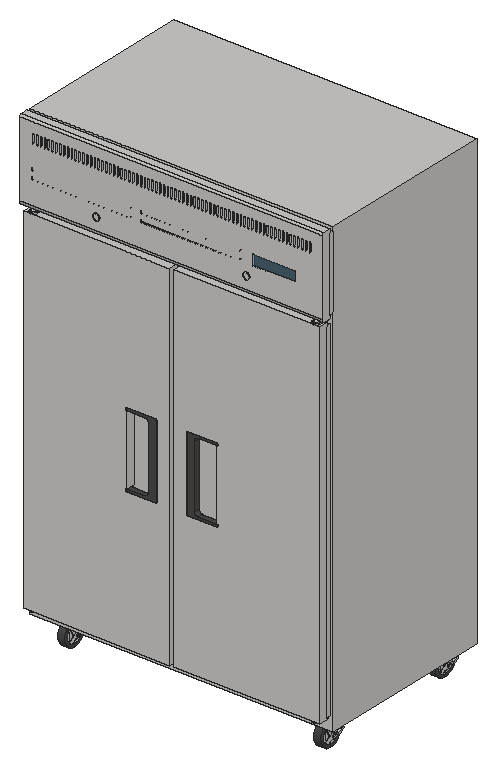
Revit family "QF_EVEREST_ES_2", category Specialty Equipment, Revit 2015
Parameters (values of type "ESR2_115/60/1")
  Weight in Pounds = 401
  Watts = if(Phase = 3, Volts * FL Amps * 1.73, Volts * FL Amps)  # 517.5 W
  Volts = 115 V
  URL Cutsheet = ""
  Specification by User = ""
  Specification by Manufacturer = ""
  Show Clearance [instance] = yes
  Serial Number = ""
  Seismic Rating = ""
  SMACNA No = ""
  Revision Code = ""
  Refrigerant Volume = 0.00 kip
  Refrigerant Type = "R290"
  Phase = 1
  Number of Poles = 1
  NAFEM Spec ID Number = ""
  Model = "ESR2"
  Min Ckt Ampacity = 0 A
  Max Overcurrent Protection = 0 A
  Masterspec = ""
  Manufacturer = "EVEREST"
  Length = 1260 mm
  Item Number = ""
  Installed By = ""
  Identify Quantity as Lot = yes
  Height = 2010 mm
  HP = "1/4+"
  Furnished By = ""
  Foodservice Equipment Identifier = yes
  FL Amps = 4.5 A
  Electrical Remarks = ""
  Electric Connection Type = ""
  Elec Conn RI Height = 0 mm
  Elec Conn Connection Height = 0 mm
  Description = "UPRIGHT REACH–IN REFRIGERATOR"
  Depth = 803 mm
  Cycle = 60 Hz
  Conn Plug = "NEMA 5-15P"
  Conn Conduit = yes
  CSI MasterFormat = ""
  BTUH = 1926.0 Btu/h
  Apparent Power = 0 VA
Types (2, lengths in mm): name | Weight in Pounds | Watts | Refrigerant Type | Model | HP | FL Amps | Electrical Remarks | Description | Conn Plug | BTUH
  ESF2_115/60/1 | 468 | 1703.15 W | "R-404A / R290" | "ESF2" | "1/2 (x2)" | 14.81 A | "HAS (X2) 1/2 HP COMPRESSORS. BTUH IS CALCULATED FOR (2) COMPRESSORS. COMES IN R-404A AND R290 REFRIGERANT VARIANTS." | "UPRIGHT REACH–IN FREEZER" | "NEMA 5-20P" | 6870.0 Btu/h
  ESR2_115/60/1 | 401 | 517.5 W | "R290" | "ESR2" | "1/4+" | 4.5 A | "" | "UPRIGHT REACH–IN REFRIGERATOR" | "NEMA 5-15P" | 1926.0 Btu/h
Reference planes
  plane 1 "BACK": y = 0
  plane 2: z = 0
  plane 3 "LEFT": x = 0
  plane 4 "RIGHT": x = 1260
  plane 5 "FRONT": y = -803
  plane 6 "TOP": z = 2010
  plane 7 "Center Y": x = 630
  plane 8 "Center X": y = -401.5
  plane 9: y = -1386
  plane 10: z = 125
  plane 11: y = -750
Forms (mm)
  Extrusion 1, solid, material "QF_Metal - Stainless - Polished"
    sketch origin (0, 0, 0) x (0, 1, 0) y (0, 0, 1)
      loop
        line (0, 2010) -> (-750, 2010) -> (-750, 125) -> (0, 125) -> (0, 2010)
    from 0 to 1260
  Extrusion 2, solid, material "QF_Metal - Stainless - Polished"
    sketch origin (0, 0, 0) x (0, 1, 0) y (0, 0, 1)
      loop
        line (-765, 2010) -> (-794.973, 2010)
        arc (-794.973, 2010) -> (-800.649, 2007.649) -> (-803, 2001.973) r 8.027
        line (-803, 2001.973) -> (-803, 1687.87)
        arc (-803, 1687.87) -> (-799.172, 1678.628) -> (-789.93, 1674.8) r 13.07
        line (-789.93, 1674.8) -> (-765, 1674.8) -> (-765, 2010)
    from 0 to 1260
  Extrusion 3, solid, material "QF_Metal - Stainless - Polished"
    sketch origin (0, 0, 0) x (0, 1, 0) y (0, 0, 1)
      loop
        line (-765, 1688.8) -> (-758.141, 1688.8)
        arc (-758.141, 1688.8) -> (-757.087, 1689.01) -> (-756.193, 1689.607) r 2.754
        line (-756.193, 1689.607) -> (-750.858, 1694.942)
        arc (-750.858, 1694.942) -> (-750.223, 1695.892) -> (-750, 1697.014) r 2.93
        line (-750, 1697.014) -> (-750, 1990.992)
        arc (-750, 1990.992) -> (-750.222, 1992.108) -> (-750.854, 1993.054) r 2.916
        line (-750.854, 1993.054) -> (-755.935, 1998.135)
        arc (-755.935, 1998.135) -> (-757.115, 1998.923) -> (-758.506, 1999.2) r 3.637
        line (-758.506, 1999.2) -> (-765, 1999.2) -> (-765, 1688.8)
    from 0 to 1260
  Extrusion 4, solid, material "QF_Metal - Stainless - Polished"
    sketch origin (0, 0, 0) x (1, 0, 0) y (0, 0, 1)
      loop
        line (12.732, 172.5) -> (621.732, 172.5) -> (621.732, 1654) -> (12.732, 1654) -> (12.732, 172.5)
      loop
        line (562.725, 1071.5) -> (443.725, 1071.5)
        arc (443.725, 1071.5) -> (440.189, 1070.036) -> (438.725, 1066.5) r 5
        line (438.725, 1066.5) -> (438.725, 1061.5) -> (443.725, 1061.5) -> (443.725, 768.5) -> (438.725, 768.5) -> (438.725, 763.5)
        arc (438.725, 763.5) -> (440.189, 759.964) -> (443.725, 758.5) r 5
        line (443.725, 758.5) -> (562.725, 758.5)
        arc (562.725, 758.5) -> (566.26, 759.964) -> (567.725, 763.5) r 5
        line (567.725, 763.5) -> (567.725, 1066.5)
        arc (567.725, 1066.5) -> (566.26, 1070.036) -> (562.725, 1071.5) r 5
    from 765 to 800
  Extrusion 5, solid, material "QF_Metal - Stainless - Polished"
    sketch origin (0, 0, 0) x (0, 1, 0) y (0, 0, 1)
      loop
        line (-750, 1644) -> (-765, 1644) -> (-765, 182.5) -> (-750, 182.5) -> (-750, 1644)
    from 13 to 1247.268
  Extrusion 6, solid, material "QF_Plastic - Black - Smooth"
    sketch origin (0, 0, 0) x (1, 0, 0) y (0, 0, 1)
      loop
        line (562.725, 1071.5) -> (443.725, 1071.5)
        arc (443.725, 1071.5) -> (440.189, 1070.036) -> (438.725, 1066.5) r 5
        line (438.725, 1066.5) -> (438.725, 1061.5) -> (519.725, 1061.5)
        arc (519.725, 1061.5) -> (530.332, 1057.107) -> (534.725, 1046.5) r 15
        line (534.725, 1046.5) -> (534.725, 783.5)
        arc (534.725, 783.5) -> (530.332, 772.893) -> (519.725, 768.5) r 15
        line (519.725, 768.5) -> (438.725, 768.5) -> (438.725, 763.5)
        arc (438.725, 763.5) -> (440.189, 759.964) -> (443.725, 758.5) r 5
        line (443.725, 758.5) -> (562.725, 758.5)
        arc (562.725, 758.5) -> (566.26, 759.964) -> (567.725, 763.5) r 5
        line (567.725, 763.5) -> (567.725, 1066.5)
        arc (567.725, 1066.5) -> (566.26, 1070.036) -> (562.725, 1071.5) r 5
    from 780 to 800
  Extrusion 7, void
    sketch origin (0, -803, 2030) x (0, 0, -1) y (1, 0, 0)
      loop
        line (105, 61.992) -> (73, 61.992)
        arc (73, 61.992) -> (69, 57.992) -> (73, 53.992) r 4
        line (73, 53.992) -> (105, 53.992)
        arc (105, 53.992) -> (109, 57.992) -> (105, 61.992) r 4
      loop
        line (73, 69.992) -> (105, 69.992)
        arc (105, 69.992) -> (109, 73.992) -> (105, 77.992) r 4
        line (105, 77.992) -> (73, 77.992)
        arc (73, 77.992) -> (69, 73.992) -> (73, 69.992) r 4
      loop
        line (73, 85.992) -> (105, 85.992)
        arc (105, 85.992) -> (109, 89.992) -> (105, 93.992) r 4
        line (105, 93.992) -> (73, 93.992)
        arc (73, 93.992) -> (69, 89.992) -> (73, 85.992) r 4
      loop
        line (73, 101.992) -> (105, 101.992)
        arc (105, 101.992) -> (109, 105.992) -> (105, 109.992) r 4
        line (105, 109.992) -> (73, 109.992)
        arc (73, 109.992) -> (69, 105.992) -> (73, 101.992) r 4
      loop
        line (73, 117.992) -> (105, 117.992)
        arc (105, 117.992) -> (109, 121.992) -> (105, 125.992) r 4
        line (105, 125.992) -> (73, 125.992)
        arc (73, 125.992) -> (69, 121.992) -> (73, 117.992) r 4
      loop
        line (73, 133.992) -> (105, 133.992)
        arc (105, 133.992) -> (109, 137.992) -> (105, 141.992) r 4
        line (105, 141.992) -> (73, 141.992)
        arc (73, 141.992) -> (69, 137.992) -> (73, 133.992) r 4
      loop
        line (73, 149.992) -> (105, 149.992)
        arc (105, 149.992) -> (109, 153.992) -> (105, 157.992) r 4
        line (105, 157.992) -> (73, 157.992)
        arc (73, 157.992) -> (69, 153.992) -> (73, 149.992) r 4
      loop
        line (73, 165.992) -> (105, 165.992)
        arc (105, 165.992) -> (109, 169.992) -> (105, 173.992) r 4
        line (105, 173.992) -> (73, 173.992)
        arc (73, 173.992) -> (69, 169.992) -> (73, 165.992) r 4
      loop
        line (73, 181.992) -> (105, 181.992)
        arc (105, 181.992) -> (109, 185.992) -> (105, 189.992) r 4
        line (105, 189.992) -> (73, 189.992)
        arc (73, 189.992) -> (69, 185.992) -> (73, 181.992) r 4
      loop
        line (73, 197.992) -> (105, 197.992)
        arc (105, 197.992) -> (109, 201.992) -> (105, 205.992) r 4
        line (105, 205.992) -> (73, 205.992)
        arc (73, 205.992) -> (69, 201.992) -> (73, 197.992) r 4
      loop
        line (73, 213.992) -> (105, 213.992)
        arc (105, 213.992) -> (109, 217.992) -> (105, 221.992) r 4
        line (105, 221.992) -> (73, 221.992)
        arc (73, 221.992) -> (69, 217.992) -> (73, 213.992) r 4
      loop
        line (73, 229.992) -> (105, 229.992)
        arc (105, 229.992) -> (109, 233.992) -> (105, 237.992) r 4
        line (105, 237.992) -> (73, 237.992)
        arc (73, 237.992) -> (69, 233.992) -> (73, 229.992) r 4
      loop
        line (73, 245.992) -> (105, 245.992)
        arc (105, 245.992) -> (109, 249.992) -> (105, 253.992) r 4
        line (105, 253.992) -> (73, 253.992)
        arc (73, 253.992) -> (69, 249.992) -> (73, 245.992) r 4
      loop
        line (73, 261.992) -> (105, 261.992)
        arc (105, 261.992) -> (109, 265.992) -> (105, 269.992) r 4
        line (105, 269.992) -> (73, 269.992)
        arc (73, 269.992) -> (69, 265.992) -> (73, 261.992) r 4
      loop
        line (73, 277.992) -> (105, 277.992)
        arc (105, 277.992) -> (109, 281.992) -> (105, 285.992) r 4
        line (105, 285.992) -> (73, 285.992)
        arc (73, 285.992) -> (69, 281.992) -> (73, 277.992) r 4
      loop
        line (73, 293.992) -> (105, 293.992)
        arc (105, 293.992) -> (109, 297.992) -> (105, 301.992) r 4
        line (105, 301.992) -> (73, 301.992)
        arc (73, 301.992) -> (69, 297.992) -> (73, 293.992) r 4
      loop
        line (73, 309.992) -> (105, 309.992)
        arc (105, 309.992) -> (109, 313.992) -> (105, 317.992) r 4
        line (105, 317.992) -> (73, 317.992)
        arc (73, 317.992) -> (69, 313.992) -> (73, 309.992) r 4
      loop
        line (73, 325.992) -> (105, 325.992)
        arc (105, 325.992) -> (109, 329.992) -> (105, 333.992) r 4
        line (105, 333.992) -> (73, 333.992)
        arc (73, 333.992) -> (69, 329.992) -> (73, 325.992) r 4
      loop
        line (73, 341.992) -> (105, 341.992)
        arc (105, 341.992) -> (109, 345.992) -> (105, 349.992) r 4
        line (105, 349.992) -> (73, 349.992)
        arc (73, 349.992) -> (69, 345.992) -> (73, 341.992) r 4
      loop
        line (73, 357.992) -> (105, 357.992)
        arc (105, 357.992) -> (109, 361.992) -> (105, 365.992) r 4
        line (105, 365.992) -> (73, 365.992)
        arc (73, 365.992) -> (69, 361.992) -> (73, 357.992) r 4
      loop
        arc (73, 638.008) -> (69, 634.008) -> (73, 630.008) r 4
        line (73, 630.008) -> (105, 630.008)
        arc (105, 630.008) -> (109, 634.008) -> (105, 638.008) r 4
        line (105, 638.008) -> (73, 638.008)
      loop
        arc (73, 622.008) -> (69, 618.008) -> (73, 614.008) r 4
        line (73, 614.008) -> (105, 614.008)
        arc (105, 614.008) -> (109, 618.008) -> (105, 622.008) r 4
        line (105, 622.008) -> (73, 622.008)
      loop
        arc (73, 606.008) -> (69, 602.008) -> (73, 598.008) r 4
        line (73, 598.008) -> (105, 598.008)
        arc (105, 598.008) -> (109, 602.008) -> (105, 606.008) r 4
        line (105, 606.008) -> (73, 606.008)
      loop
        arc (73, 590.008) -> (69, 586.008) -> (73, 582.008) r 4
        line (73, 582.008) -> (105, 582.008)
        arc (105, 582.008) -> (109, 586.008) -> (105, 590.008) r 4
        line (105, 590.008) -> (73, 590.008)
      loop
        arc (73, 574.008) -> (69, 570.008) -> (73, 566.008) r 4
        line (73, 566.008) -> (105, 566.008)
        arc (105, 566.008) -> (109, 570.008) -> (105, 574.008) r 4
        line (105, 574.008) -> (73, 574.008)
      loop
        arc (73, 558.008) -> (69, 554.008) -> (73, 550.008) r 4
        line (73, 550.008) -> (105, 550.008)
        arc (105, 550.008) -> (109, 554.008) -> (105, 558.008) r 4
        line (105, 558.008) -> (73, 558.008)
      loop
        arc (73, 542.008) -> (69, 538.008) -> (73, 534.008) r 4
        line (73, 534.008) -> (105, 534.008)
        arc (105, 534.008) -> (109, 538.008) -> (105, 542.008) r 4
        line (105, 542.008) -> (73, 542.008)
      loop
        arc (73, 526.008) -> (69, 522.008) -> (73, 518.008) r 4
        line (73, 518.008) -> (105, 518.008)
        arc (105, 518.008) -> (109, 522.008) -> (105, 526.008) r 4
        line (105, 526.008) -> (73, 526.008)
      loop
        arc (73, 510.008) -> (69, 506.008) -> (73, 502.008) r 4
        line (73, 502.008) -> (105, 502.008)
        arc (105, 502.008) -> (109, 506.008) -> (105, 510.008) r 4
        line (105, 510.008) -> (73, 510.008)
      loop
        arc (73, 494.008) -> (69, 490.008) -> (73, 486.008) r 4
        line (73, 486.008) -> (105, 486.008)
        arc (105, 486.008) -> (109, 490.008) -> (105, 494.008) r 4
        line (105, 494.008) -> (73, 494.008)
      loop
        arc (73, 478.008) -> (69, 474.008) -> (73, 470.008) r 4
        line (73, 470.008) -> (105, 470.008)
        arc (105, 470.008) -> (109, 474.008) -> (105, 478.008) r 4
        line (105, 478.008) -> (73, 478.008)
      loop
        arc (73, 462.008) -> (69, 458.008) -> (73, 454.008) r 4
        line (73, 454.008) -> (105, 454.008)
        arc (105, 454.008) -> (109, 458.008) -> (105, 462.008) r 4
        line (105, 462.008) -> (73, 462.008)
      loop
        arc (73, 446.008) -> (69, 442.008) -> (73, 438.008) r 4
        line (73, 438.008) -> (105, 438.008)
        arc (105, 438.008) -> (109, 442.008) -> (105, 446.008) r 4
        line (105, 446.008) -> (73, 446.008)
      loop
        arc (73, 430.008) -> (69, 426.008) -> (73, 422.008) r 4
        line (73, 422.008) -> (105, 422.008)
        arc (105, 422.008) -> (109, 426.008) -> (105, 430.008) r 4
        line (105, 430.008) -> (73, 430.008)
      loop
        arc (73, 414.008) -> (69, 410.008) -> (73, 406.008) r 4
        line (73, 406.008) -> (105, 406.008)
        arc (105, 406.008) -> (109, 410.008) -> (105, 414.008) r 4
        line (105, 414.008) -> (73, 414.008)
      loop
        arc (73, 398.008) -> (69, 394.008) -> (73, 390.008) r 4
        line (73, 390.008) -> (105, 390.008)
        arc (105, 390.008) -> (109, 394.008) -> (105, 398.008) r 4
        line (105, 398.008) -> (73, 398.008)
      loop
        arc (73, 382.008) -> (69, 378.008) -> (73, 374.008) r 4
        line (73, 374.008) -> (105, 374.008)
        arc (105, 374.008) -> (109, 378.008) -> (105, 382.008) r 4
        line (105, 382.008) -> (73, 382.008)
      loop
        arc (105, 1206.025) -> (109, 1210.025) -> (105, 1214.025) r 4
        line (105, 1214.025) -> (73, 1214.025)
        arc (73, 1214.025) -> (69, 1210.025) -> (73, 1206.025) r 4
        line (73, 1206.025) -> (105, 1206.025)
      loop
        arc (73, 1198.025) -> (69, 1194.025) -> (73, 1190.025) r 4
        line (73, 1190.025) -> (105, 1190.025)
        arc (105, 1190.025) -> (109, 1194.025) -> (105, 1198.025) r 4
        line (105, 1198.025) -> (73, 1198.025)
      loop
        arc (73, 1182.025) -> (69, 1178.025) -> (73, 1174.025) r 4
        line (73, 1174.025) -> (105, 1174.025)
        arc (105, 1174.025) -> (109, 1178.025) -> (105, 1182.025) r 4
        line (105, 1182.025) -> (73, 1182.025)
      loop
        arc (73, 1166.025) -> (69, 1162.025) -> (73, 1158.025) r 4
        line (73, 1158.025) -> (105, 1158.025)
        arc (105, 1158.025) -> (109, 1162.025) -> (105, 1166.025) r 4
        line (105, 1166.025) -> (73, 1166.025)
      loop
        arc (73, 1150.025) -> (69, 1146.025) -> (73, 1142.025) r 4
        line (73, 1142.025) -> (105, 1142.025)
        arc (105, 1142.025) -> (109, 1146.025) -> (105, 1150.025) r 4
        line (105, 1150.025) -> (73, 1150.025)
      loop
        arc (73, 1134.025) -> (69, 1130.025) -> (73, 1126.025) r 4
        line (73, 1126.025) -> (105, 1126.025)
        arc (105, 1126.025) -> (109, 1130.025) -> (105, 1134.025) r 4
        line (105, 1134.025) -> (73, 1134.025)
      loop
        arc (73, 1118.025) -> (69, 1114.025) -> (73, 1110.025) r 4
        line (73, 1110.025) -> (105, 1110.025)
        arc (105, 1110.025) -> (109, 1114.025) -> (105, 1118.025) r 4
        line (105, 1118.025) -> (73, 1118.025)
      loop
        arc (73, 1102.025) -> (69, 1098.025) -> (73, 1094.025) r 4
        line (73, 1094.025) -> (105, 1094.025)
        arc (105, 1094.025) -> (109, 1098.025) -> (105, 1102.025) r 4
        line (105, 1102.025) -> (73, 1102.025)
      loop
        arc (73, 1086.025) -> (69, 1082.025) -> (73, 1078.025) r 4
        line (73, 1078.025) -> (105, 1078.025)
        arc (105, 1078.025) -> (109, 1082.025) -> (105, 1086.025) r 4
        line (105, 1086.025) -> (73, 1086.025)
      loop
        arc (73, 1070.025) -> (69, 1066.025) -> (73, 1062.025) r 4
        line (73, 1062.025) -> (105, 1062.025)
        arc (105, 1062.025) -> (109, 1066.025) -> (105, 1070.025) r 4
        line (105, 1070.025) -> (73, 1070.025)
      loop
        arc (73, 1054.025) -> (69, 1050.025) -> (73, 1046.025) r 4
        line (73, 1046.025) -> (105, 1046.025)
        arc (105, 1046.025) -> (109, 1050.025) -> (105, 1054.025) r 4
        line (105, 1054.025) -> (73, 1054.025)
      loop
        arc (73, 1038.025) -> (69, 1034.025) -> (73, 1030.025) r 4
        line (73, 1030.025) -> (105, 1030.025)
        arc (105, 1030.025) -> (109, 1034.025) -> (105, 1038.025) r 4
        line (105, 1038.025) -> (73, 1038.025)
      loop
        arc (73, 1022.025) -> (69, 1018.025) -> (73, 1014.025) r 4
        line (73, 1014.025) -> (105, 1014.025)
        arc (105, 1014.025) -> (109, 1018.025) -> (105, 1022.025) r 4
        line (105, 1022.025) -> (73, 1022.025)
      loop
        arc (73, 1006.025) -> (69, 1002.025) -> (73, 998.025) r 4
        line (73, 998.025) -> (105, 998.025)
        arc (105, 998.025) -> (109, 1002.025) -> (105, 1006.025) r 4
        line (105, 1006.025) -> (73, 1006.025)
      loop
        arc (73, 990.025) -> (69, 986.025) -> (73, 982.025) r 4
        line (73, 982.025) -> (105, 982.025)
        arc (105, 982.025) -> (109, 986.025) -> (105, 990.025) r 4
        line (105, 990.025) -> (73, 990.025)
      loop
        arc (73, 974.025) -> (69, 970.025) -> (73, 966.025) r 4
        line (73, 966.025) -> (105, 966.025)
        arc (105, 966.025) -> (109, 970.025) -> (105, 974.025) r 4
        line (105, 974.025) -> (73, 974.025)
      loop
        arc (73, 958.025) -> (69, 954.025) -> (73, 950.025) r 4
        line (73, 950.025) -> (105, 950.025)
        arc (105, 950.025) -> (109, 954.025) -> (105, 958.025) r 4
        line (105, 958.025) -> (73, 958.025)
      loop
        arc (73, 942.025) -> (69, 938.025) -> (73, 934.025) r 4
        line (73, 934.025) -> (105, 934.025)
        arc (105, 934.025) -> (109, 938.025) -> (105, 942.025) r 4
        line (105, 942.025) -> (73, 942.025)
      loop
        arc (73, 926.025) -> (69, 922.025) -> (73, 918.025) r 4
        line (73, 918.025) -> (105, 918.025)
        arc (105, 918.025) -> (109, 922.025) -> (105, 926.025) r 4
        line (105, 926.025) -> (73, 926.025)
      loop
        arc (73, 910.025) -> (69, 906.025) -> (73, 902.025) r 4
        line (73, 902.025) -> (105, 902.025)
        arc (105, 902.025) -> (109, 906.025) -> (105, 910.025) r 4
        line (105, 910.025) -> (73, 910.025)
      loop
        line (73, 646.008) -> (105, 646.008)
        arc (105, 646.008) -> (109, 650.008) -> (105, 654.008) r 4
        line (105, 654.008) -> (73, 654.008)
        arc (73, 654.008) -> (69, 650.008) -> (73, 646.008) r 4
      loop
        line (73, 662.008) -> (105, 662.008)
        arc (105, 662.008) -> (109, 666.008) -> (105, 670.008) r 4
        line (105, 670.008) -> (73, 670.008)
        arc (73, 670.008) -> (69, 666.008) -> (73, 662.008) r 4
      loop
        line (73, 678.008) -> (105, 678.008)
        arc (105, 678.008) -> (109, 682.008) -> (105, 686.008) r 4
        line (105, 686.008) -> (73, 686.008)
        arc (73, 686.008) -> (69, 682.008) -> (73, 678.008) r 4
      loop
        line (73, 694.008) -> (105, 694.008)
        arc (105, 694.008) -> (109, 698.008) -> (105, 702.008) r 4
        line (105, 702.008) -> (73, 702.008)
        arc (73, 702.008) -> (69, 698.008) -> (73, 694.008) r 4
      loop
        line (73, 710.008) -> (105, 710.008)
        arc (105, 710.008) -> (109, 714.008) -> (105, 718.008) r 4
        line (105, 718.008) -> (73, 718.008)
        arc (73, 718.008) -> (69, 714.008) -> (73, 710.008) r 4
      loop
        line (73, 726.008) -> (105, 726.008)
        arc (105, 726.008) -> (109, 730.008) -> (105, 734.008) r 4
        line (105, 734.008) -> (73, 734.008)
        arc (73, 734.008) -> (69, 730.008) -> (73, 726.008) r 4
      loop
        line (73, 742.008) -> (105, 742.008)
        arc (105, 742.008) -> (109, 746.008) -> (105, 750.008) r 4
        line (105, 750.008) -> (73, 750.008)
        arc (73, 750.008) -> (69, 746.008) -> (73, 742.008) r 4
      loop
        line (73, 758.008) -> (105, 758.008)
        arc (105, 758.008) -> (109, 762.008) -> (105, 766.008) r 4
        line (105, 766.008) -> (73, 766.008)
        arc (73, 766.008) -> (69, 762.008) -> (73, 758.008) r 4
      loop
        line (73, 774.008) -> (105, 774.008)
        arc (105, 774.008) -> (109, 778.008) -> (105, 782.008) r 4
        line (105, 782.008) -> (73, 782.008)
        arc (73, 782.008) -> (69, 778.008) -> (73, 774.008) r 4
      loop
        line (73, 790.008) -> (105, 790.008)
        arc (105, 790.008) -> (109, 794.008) -> (105, 798.008) r 4
        line (105, 798.008) -> (73, 798.008)
        arc (73, 798.008) -> (69, 794.008) -> (73, 790.008) r 4
      loop
        line (73, 806.008) -> (105, 806.008)
        arc (105, 806.008) -> (109, 810.008) -> (105, 814.008) r 4
        line (105, 814.008) -> (73, 814.008)
        arc (73, 814.008) -> (69, 810.008) -> (73, 806.008) r 4
      loop
        line (73, 822.008) -> (105, 822.008)
        arc (105, 822.008) -> (109, 826.008) -> (105, 830.008) r 4
        line (105, 830.008) -> (73, 830.008)
        arc (73, 830.008) -> (69, 826.008) -> (73, 822.008) r 4
      loop
        line (73, 838.008) -> (105, 838.008)
        arc (105, 838.008) -> (109, 842.008) -> (105, 846.008) r 4
        line (105, 846.008) -> (73, 846.008)
        arc (73, 846.008) -> (69, 842.008) -> (73, 838.008) r 4
      loop
        line (73, 854.008) -> (105, 854.008)
        arc (105, 854.008) -> (109, 858.008) -> (105, 862.008) r 4
        line (105, 862.008) -> (73, 862.008)
        arc (73, 862.008) -> (69, 858.008) -> (73, 854.008) r 4
      loop
        line (73, 870.008) -> (105, 870.008)
        arc (105, 870.008) -> (109, 874.008) -> (105, 878.008) r 4
        line (105, 878.008) -> (73, 878.008)
        arc (73, 878.008) -> (69, 874.008) -> (73, 870.008) r 4
      loop
        line (73, 886.008) -> (105, 886.008)
        arc (105, 886.008) -> (109, 890.008) -> (105, 894.008) r 4
        line (105, 894.008) -> (73, 894.008)
        arc (73, 894.008) -> (69, 890.008) -> (73, 886.008) r 4
      loop
        line (200.331, 49.665) -> (204.769, 49.665)
        arc (204.769, 49.665) -> (208.31, 51.132) -> (209.777, 54.672) r 5.007
        line (209.777, 54.672) -> (209.777, 459.056)
        arc (209.777, 459.056) -> (208.39, 462.736) -> (204.774, 464.28) r 5.007
        line (204.774, 464.28) -> (200.333, 464.28)
        arc (200.333, 464.28) -> (203.873, 462.808) -> (205.34, 459.268) r 5.007
        line (205.34, 459.268) -> (205.34, 54.677)
        arc (205.34, 54.677) -> (203.873, 51.135) -> (200.331, 49.665) r 5.009
      loop
        line (233.379, 49.665) -> (237.818, 49.665)
        arc (237.818, 49.665) -> (241.359, 51.132) -> (242.825, 54.672) r 5.007
        line (242.825, 54.672) -> (242.825, 459.056)
        arc (242.825, 459.056) -> (241.439, 462.736) -> (237.823, 464.28) r 5.007
        line (237.823, 464.28) -> (233.382, 464.28)
        arc (233.382, 464.28) -> (236.922, 462.808) -> (238.388, 459.268) r 5.007
        line (238.388, 459.268) -> (238.388, 54.677)
        arc (238.388, 54.677) -> (236.921, 51.135) -> (233.379, 49.665) r 5.009
      loop
        line (200.331, 504.334) -> (204.769, 504.334)
        arc (204.769, 504.334) -> (208.31, 505.801) -> (209.777, 509.342) r 5.007
        line (209.777, 509.342) -> (209.777, 913.725)
        arc (209.777, 913.725) -> (208.39, 917.405) -> (204.774, 918.949) r 5.007
        line (204.774, 918.949) -> (200.333, 918.949)
        arc (200.333, 918.949) -> (203.873, 917.477) -> (205.34, 913.937) r 5.007
        line (205.34, 913.937) -> (205.34, 509.346)
        arc (205.34, 509.346) -> (203.873, 505.805) -> (200.331, 504.334) r 5.009
      loop
        line (233.379, 504.334) -> (237.818, 504.334)
        arc (237.818, 504.334) -> (241.359, 505.801) -> (242.825, 509.342) r 5.007
        line (242.825, 509.342) -> (242.825, 913.725)
        arc (242.825, 913.725) -> (241.439, 917.405) -> (237.823, 918.949) r 5.007
        line (237.823, 918.949) -> (233.382, 918.949)
        arc (233.382, 918.949) -> (236.922, 917.477) -> (238.388, 913.937) r 5.007
        line (238.388, 913.937) -> (238.388, 509.346)
        arc (238.388, 509.346) -> (236.921, 505.805) -> (233.379, 504.334) r 5.009
      loop
        arc (238.92, 969.678) -> (240.268, 970.236) -> (240.826, 971.583) r 1.905
        line (240.826, 971.583) -> (240.826, 1147.452)
        arc (240.826, 1147.452) -> (240.243, 1148.859) -> (238.836, 1149.442) r 1.99
        line (238.836, 1149.442) -> (200.766, 1149.442)
        arc (200.766, 1149.442) -> (199.35, 1148.856) -> (198.764, 1147.439) r 2
        line (198.764, 1147.439) -> (198.764, 971.68)
        arc (198.764, 971.68) -> (199.35, 970.263) -> (200.766, 969.678) r 2
        line (200.766, 969.678) -> (238.92, 969.678)
    from 0 to -3
  Extrusion 8, solid, material "Glass"
    sketch origin (0, -800, 2030) x (0, 0, -1) y (1, 0, 0)
      loop
        arc (198.764, 971.68) -> (199.35, 970.263) -> (200.766, 969.678) r 2
        line (200.766, 969.678) -> (238.92, 969.678)
        arc (238.92, 969.678) -> (240.268, 970.236) -> (240.826, 971.583) r 1.905
        line (240.826, 971.583) -> (240.826, 1147.452)
        arc (240.826, 1147.452) -> (240.243, 1148.859) -> (238.836, 1149.442) r 1.99
        line (238.836, 1149.442) -> (200.766, 1149.442)
        arc (200.766, 1149.442) -> (199.35, 1148.856) -> (198.764, 1147.439) r 2
        line (198.764, 1147.439) -> (198.764, 971.68)
    from 0 to 3
  Extrusion 9, solid, material "QF_Metal - Stainless - Polished"
    sketch origin (627.273, 0, 172.5) x (0, -1, 0) y (-1, 0, 0)
      loop
        circle (784, -591.732) r 10
    from 0 to 5
  Extrusion 10, solid, material "QF_Metal - Stainless - Polished"
    sketch origin (627.273, 0, 172.5) x (0, -1, 0) y (-1, 0, 0)
      loop
        arc (789.13, -605.827) -> (798.772, -589.127) -> (784, -576.732) r 15
        line (784, -576.732) -> (750, -570.737) -> (750, -612.727) -> (789.13, -605.827)
      loop
        circle (784, -591.732) r 10
    from 0 to 2.5
  Extrusion 11, solid, material "QF_Metal - Stainless - Polished"
    sketch origin (-10.995, 0, 1654) x (1, 0, 0) y (0, 1, 0)
      loop
        circle (1230, -784) r 10
    from 0 to 5
  Extrusion 12, solid, material "QF_Metal - Stainless - Polished"
    sketch origin (-10.995, 0, 1654) x (1, 0, 0) y (0, 1, 0)
      loop
        line (1244.095, -789.13) -> (1250.995, -750) -> (1209.005, -750) -> (1215, -784)
        arc (1215, -784) -> (1227.395, -798.772) -> (1244.095, -789.13) r 15
      loop
        circle (1230, -784) r 10
    from 0 to 2.5
  Extrusion 13, solid, material "QF_Metal - Stainless - Polished"
    sketch origin (1260, 0, 0) x (-1, 0, 0) y (0, 0, -1)
      loop
        line (12.732, -172.5) -> (12.732, -1654) -> (621.732, -1654) -> (621.732, -172.5) -> (12.732, -172.5)
      loop
        line (443.725, -768.5) -> (443.725, -1061.5) -> (438.725, -1061.5) -> (438.725, -1066.5)
        arc (438.725, -1066.5) -> (440.189, -1070.036) -> (443.725, -1071.5) r 5
        line (443.725, -1071.5) -> (562.725, -1071.5)
        arc (562.725, -1071.5) -> (566.26, -1070.036) -> (567.725, -1066.5) r 5
        line (567.725, -1066.5) -> (567.725, -763.5)
        arc (567.725, -763.5) -> (566.26, -759.964) -> (562.725, -758.5) r 5
        line (562.725, -758.5) -> (443.725, -758.5)
        arc (443.725, -758.5) -> (440.189, -759.964) -> (438.725, -763.5) r 5
        line (438.725, -763.5) -> (438.725, -768.5) -> (443.725, -768.5)
    from 765 to 800
  Extrusion 14, solid, material "QF_Plastic - Black - Smooth"
    sketch origin (1260, 0, 0) x (-1, 0, 0) y (0, 0, -1)
      loop
        arc (562.725, -1071.5) -> (566.26, -1070.036) -> (567.725, -1066.5) r 5
        line (567.725, -1066.5) -> (567.725, -763.5)
        arc (567.725, -763.5) -> (566.26, -759.964) -> (562.725, -758.5) r 5
        line (562.725, -758.5) -> (443.725, -758.5)
        arc (443.725, -758.5) -> (440.189, -759.964) -> (438.725, -763.5) r 5
        line (438.725, -763.5) -> (438.725, -768.5) -> (519.725, -768.5)
        arc (519.725, -768.5) -> (530.332, -772.893) -> (534.725, -783.5) r 15
        line (534.725, -783.5) -> (534.725, -1046.5)
        arc (534.725, -1046.5) -> (530.332, -1057.107) -> (519.725, -1061.5) r 15
        line (519.725, -1061.5) -> (438.725, -1061.5) -> (438.725, -1066.5)
        arc (438.725, -1066.5) -> (440.189, -1070.036) -> (443.725, -1071.5) r 5
        line (443.725, -1071.5) -> (562.725, -1071.5)
    from 780 to 800
  Extrusion 15, solid, material "QF_Door-Drawer Clearances", visible <- "Show Clearance", detail levels coarse
    sketch origin (0, 0, 0) x (1, 0, 0) y (0, 1, 0)
      loop
        line (13, -800) -> (13, -1386)
        arc (13, -1386) -> (438.077, -1218.394) -> (621.732, -800) r 599.764
        line (621.732, -800) -> (13, -800)
      loop
        line (1247, -800) -> (638.268, -800)
        arc (638.268, -800) -> (821.923, -1218.394) -> (1247, -1386) r 599.764
        line (1247, -1386) -> (1247, -800)
    from 172.5 to 1654
  Extrusion 16, solid, material "QF_Metal - Stainless - Polished"
    sketch origin (0, 0, 1980) x (0, 0, 1) y (1, 0, 0)
      loop
        circle (-239.948, 630) r 6.35
    from 0 to 10
  Extrusion 17, void
    sketch origin (0, -803, 2030) x (0, 0, -1) y (1, 0, 0)
      loop
        circle (289.948, 942.634) r 13.3
      loop
        circle (289.948, 317.366) r 13.3
    from 0 to -5
  Extrusion 18, solid, material "QF_Metal - Stainless - Polished"
    sketch origin (0, -800, 2030) x (0, 0, -1) y (1, 0, 0)
      loop
        circle (289.948, 942.634) r 13.3
      loop
        circle (289.948, 317.366) r 13.3
    from 0 to 3
  Extrusion 19, solid, material "QF_Metal - Stainless - Polished"
    sketch origin (632.727, 0, 172.5) x (0, 1, 0) y (1, 0, 0)
      loop
        circle (-784, -591.732) r 10
    from 0 to 5
  Extrusion 20, solid, material "QF_Metal - Stainless - Polished"
    sketch origin (632.727, 0, 172.5) x (0, 1, 0) y (1, 0, 0)
      loop
        line (-789.13, -605.827) -> (-750, -612.727) -> (-750, -570.737) -> (-784, -576.732)
        arc (-784, -576.732) -> (-798.772, -589.127) -> (-789.13, -605.827) r 15
      loop
        circle (-784, -591.732) r 10
    from 0 to 2.5
  Extrusion 21, solid, material "QF_Metal - Stainless - Polished"
    sketch origin (1270.995, 0, 1654) x (-1, 0, 0) y (0, -1, 0)
      loop
        circle (1230, 784) r 10
    from 0 to 5
  Extrusion 22, solid, material "QF_Metal - Stainless - Polished"
    sketch origin (1270.995, 0, 1654) x (-1, 0, 0) y (0, -1, 0)
      loop
        arc (1244.095, 789.13) -> (1227.395, 798.772) -> (1215, 784) r 15
        line (1215, 784) -> (1209.005, 750) -> (1250.995, 750) -> (1244.095, 789.13)
      loop
        circle (1230, 784) r 10
    from 0 to 2.5
Cuts and joins
  Extrusion 7, Extrusion 17 cuts Extrusion 2
Lines and regions (mm)
  symbolic lines
    curve 1: line (0, 0, 0) -> (1260, 0, 0)
    curve 2: line (0, -803, 0) -> (0, 0, 0)
    curve 3: line (1260, -803, 0) -> (0, -803, 0)
    curve 4: line (1260, 0, 0) -> (1260, -803, 0)
    curve 5: line (0, -765, 0) -> (1260, -765, 0)
    curve 6: line (0, -750, 0) -> (1260, -750, 0)
  symbolic lines, style "QF_Door-Drawer Clearances"
    curve 7: arc (728.236, -1102.508, 0) -> (663.427, -958.716, 0) -> (638.344, -803, 0) r 599.764
    curve 8: line (1247, -803, 0) -> (728.236, -1102.508, 0)
    curve 9: arc (531.764, -1102.508, 0) -> (596.573, -958.716, 0) -> (621.656, -803, 0) r 599.764
    curve 10: line (13, -803, 0) -> (531.764, -1102.508, 0)
Dimensions and locks
  equal spacing: plane 3 "LEFT", plane 7 "Center Y", plane 4 "RIGHT"
  "Length": plane 3 "LEFT" to plane 4 "RIGHT"
  equal spacing: plane 5 "FRONT", plane 8 "Center X", plane 1 "BACK"
  "Depth": plane 5 "FRONT" to plane 1 "BACK"
  "Height": plane 6 "TOP" to level
  plane 9 to plane 1 "BACK" = 1386 mm
  plane 6 "TOP" to plane 2 = 2010 mm
  plane 10 to plane 2 = 125 mm
  plane 6 "TOP" to plane 10 = 1885 mm
  plane 5 "FRONT" to plane 1 "BACK" = 803 mm
  plane 11 to plane 1 "BACK" = 750 mm
  Extrusion 4 sketch curve to Extrusion 4 sketch curve = 609 mm
  Extrusion 13 sketch curve to Extrusion 13 sketch curve = 609 mm
  aligned and locked: plane 2 to level
Automatic sketch dimensions
  plane 1 "BACK" to curve 1 = 0 mm
  curve 1 to plane 3 "LEFT" = 0 mm
  plane 5 "FRONT" to curve 10 = 0 mm
  curve 4 to plane 4 "RIGHT" = 0 mm
  curve 6 to plane 11 = 0 mm
  plane 3 "LEFT" to curve 9 = 22.124 mm
  curve 10 to plane 7 "Center Y" = 98.236 mm
  plane 7 "Center Y" to curve 8 = 98.236 mm
  plane 4 "RIGHT" to curve 7 = 22.124 mm
  plane 9 to curve 8 = 283.492 mm
  curve 10 to curve 8 = 0 mm
  curve 9 to plane 5 "FRONT" = 16.694 mm
  curve 7 to plane 5 "FRONT" = 16.694 mm
  plane 3 "LEFT" to curve 10 = 13 mm
  plane 4 "RIGHT" to curve 8 = 13 mm
  curve 5 to curve 6 = 15 mm
  Extrusion 1 sketch curve to plane 6 "TOP" = 0 mm
  Extrusion 1 sketch curve to plane 11 = 0 mm
  Extrusion 1 sketch curve to plane 1 "BACK" = 0 mm
  Extrusion 1 sketch curve to plane 10 = 0 mm
  Extrusion 2 sketch curve to plane 5 "FRONT" = 0 mm
  Extrusion 2 sketch curve to plane 6 "TOP" = 0 mm
  Extrusion 2 sketch curve to plane 5 "FRONT" = 8.027 mm
  Extrusion 2 sketch curve to plane 5 "FRONT" = 13.07 mm
  Extrusion 2 sketch curve to plane 11 = 15 mm
  Extrusion 2 sketch curve to Extrusion 2 sketch curve = 314.103 mm
  Extrusion 3 sketch curve to plane 11 = 0 mm
  Extrusion 3 sketch curve to plane 11 = 0.854 mm
  Extrusion 3 sketch curve to plane 11 = 0.858 mm
  Extrusion 3 sketch curve to plane 11 = 2.916 mm
  Extrusion 3 sketch curve to plane 11 = 2.93 mm
  Extrusion 3 sketch curve to plane 11 = 5.935 mm
  Extrusion 3 sketch curve to plane 11 = 6.193 mm
  Extrusion 3 sketch curve to Extrusion 3 sketch curve = 1.947 mm
  Extrusion 3 sketch curve to Extrusion 3 sketch curve = 2.572 mm  (x2)
  Extrusion 3 sketch curve to Extrusion 3 sketch curve = 6.859 mm
  Extrusion 3 sketch curve to plane 6 "TOP" = 321.2 mm
  Extrusion 3 sketch curve to Extrusion 3 sketch curve = 0.807 mm
  Extrusion 3 sketch curve to Extrusion 3 sketch curve = 5.335 mm
  Extrusion 3 sketch curve to plane 6 "TOP" = 19.008 mm
  Extrusion 3 sketch curve to Extrusion 3 sketch curve = 4.571 mm
  plane 3 "LEFT" to Extrusion 4 sketch curve = 12.732 mm
  Extrusion 4 sketch curve to plane 7 "Center Y" = 191.275 mm  (x2)
  Extrusion 4 sketch curve to Extrusion 4 sketch curve = 5 mm  (x6)
  Extrusion 4 sketch curve to plane 7 "Center Y" = 67.275 mm  (x2)
  plane 10 to Extrusion 4 sketch curve = 47.5 mm
  Extrusion 4 sketch curve to Extrusion 4 sketch curve = 586 mm
  Extrusion 4 sketch curve to Extrusion 4 sketch curve = 293 mm
  Extrusion 4 sketch curve to plane 6 "TOP" = 356 mm
  Extrusion 5 sketch curve to plane 11 = 0 mm
  Extrusion 5 sketch curve to plane 11 = 15 mm
  plane 10 to Extrusion 5 sketch curve = 57.5 mm
  Extrusion 5 sketch curve to plane 6 "TOP" = 366 mm
  Extrusion 6 sketch curve to plane 7 "Center Y" = 191.275 mm  (x2)
  Extrusion 6 sketch curve to Extrusion 6 sketch curve = 5 mm  (x4)
  Extrusion 6 sketch curve to Extrusion 6 sketch curve = 76 mm  (x2)
  Extrusion 6 sketch curve to Extrusion 6 sketch curve = 15 mm
  Extrusion 6 sketch curve to Extrusion 6 sketch curve = 28 mm  (x2)
  plane 10 to Extrusion 6 sketch curve = 633.5 mm
  Extrusion 6 sketch curve to Extrusion 6 sketch curve = 263 mm
  Extrusion 6 sketch curve to Extrusion 6 sketch curve = 20 mm
  Extrusion 2 to Extrusion 7 sketch curve = 44.973 mm  (x2)
  Extrusion 7 sketch curve to Extrusion 7 sketch curve = 0 mm  (x153)
  Extrusion 7 sketch curve to Extrusion 7 sketch curve = 32 mm  (x2)
  Extrusion 7 sketch curve to Extrusion 7 sketch curve = 93.764 mm
  Extrusion 7 sketch curve to Extrusion 7 sketch curve = 95.331 mm  (x2)
  Extrusion 7 sketch curve to Extrusion 7 sketch curve = 0.002 mm
  Extrusion 7 sketch curve to Extrusion 7 sketch curve = 1.569 mm
  Extrusion 7 sketch curve to Extrusion 7 sketch curve = 2 mm  (x3)
  Extrusion 7 sketch curve to Extrusion 7 sketch curve = 0.003 mm  (x3)
  Extrusion 7 sketch curve to Extrusion 7 sketch curve = 4.439 mm  (x4)
  Extrusion 7 sketch curve to Extrusion 7 sketch curve = 4.441 mm  (x4)
  Extrusion 7 sketch curve to Extrusion 7 sketch curve = 0.57 mm  (x3)
  Extrusion 7 sketch curve to Extrusion 7 sketch curve = 4.437 mm  (x4)
  Extrusion 7 sketch curve to Extrusion 7 sketch curve = 23.603 mm  (x2)
  Extrusion 7 sketch curve to Extrusion 7 sketch curve = 23.605 mm  (x2)
  Extrusion 7 sketch curve to Extrusion 7 sketch curve = 0.566 mm
  Extrusion 7 sketch curve to Extrusion 7 sketch curve = 38.072 mm
  Extrusion 7 sketch curve to Extrusion 7 sketch curve = 38.157 mm
  Extrusion 7 sketch curve to Extrusion 7 sketch curve = 1.905 mm
  Extrusion 2 to Extrusion 7 sketch curve = 49.665 mm
  Extrusion 7 sketch curve to Extrusion 7 sketch curve = 5.007 mm
  Extrusion 2 to Extrusion 7 sketch curve = 53.992 mm
  Extrusion 7 sketch curve to Extrusion 7 sketch curve = 0.005 mm  (x4)
  Extrusion 7 sketch curve to Extrusion 7 sketch curve = 4 mm  (x73)
  Extrusion 7 sketch curve to Extrusion 7 sketch curve = 8 mm  (x70)
  Extrusion 7 sketch curve to Extrusion 7 sketch curve = 8.017 mm  (x2)
  Extrusion 7 sketch curve to Extrusion 7 sketch curve = 1.048 mm
  Extrusion 7 sketch curve to Extrusion 7 sketch curve = 0.212 mm  (x4)
  Extrusion 7 sketch curve to Extrusion 7 sketch curve = 0.004 mm  (x4)
  Extrusion 7 sketch curve to Extrusion 7 sketch curve = 40.055 mm
  Extrusion 7 sketch curve to Extrusion 7 sketch curve = 3.7 mm
  Extrusion 7 sketch curve to Extrusion 7 sketch curve = 50.729 mm
  Extrusion 7 sketch curve to Extrusion 7 sketch curve = 1.415 mm
  Extrusion 8 sketch curve to Extrusion 7 = 0 mm  (x2)
  Extrusion 8 sketch curve to Extrusion 7 = 0.532 mm
  Extrusion 9 sketch curve to Extrusion 4 = 16 mm
  Extrusion 4 to Extrusion 9 sketch curve = 597.273 mm
  Extrusion 10 sketch curve to Extrusion 10 sketch curve = 0 mm  (x2)
  Extrusion 4 to Extrusion 10 sketch curve = 15 mm
  Extrusion 10 sketch curve to Extrusion 4 = 16 mm
  Extrusion 10 sketch curve to Extrusion 4 = 10.87 mm
  Extrusion 4 to Extrusion 10 sketch curve = 576.278 mm
  Extrusion 10 sketch curve to Extrusion 10 sketch curve = 5.995 mm
  Extrusion 10 sketch curve to Extrusion 10 sketch curve = 15 mm
  Extrusion 10 sketch curve to Extrusion 10 sketch curve = 6.9 mm
  Extrusion 11 sketch curve to plane 5 "FRONT" = 19 mm
  plane 4 "RIGHT" to Extrusion 11 sketch curve = 40.995 mm
  Extrusion 12 sketch curve to Extrusion 12 sketch curve = 0 mm  (x2)
  Extrusion 12 sketch curve to plane 11 = 0 mm
  plane 4 "RIGHT" to Extrusion 12 sketch curve = 61.99 mm
  Extrusion 12 sketch curve to plane 5 "FRONT" = 19 mm
  Extrusion 12 sketch curve to Extrusion 12 sketch curve = 5.995 mm
  Extrusion 12 sketch curve to Extrusion 12 sketch curve = 15 mm
  Extrusion 12 sketch curve to plane 5 "FRONT" = 13.87 mm
  plane 4 "RIGHT" to Extrusion 12 sketch curve = 20 mm
  Extrusion 13 sketch curve to plane 4 "RIGHT" = 12.732 mm
  Extrusion 13 sketch curve to plane 7 "Center Y" = 191.275 mm  (x2)
  Extrusion 13 sketch curve to Extrusion 13 sketch curve = 5 mm  (x6)
  Extrusion 13 sketch curve to plane 7 "Center Y" = 67.275 mm  (x2)
  Extrusion 13 sketch curve to plane 10 = 47.5 mm
  Extrusion 13 sketch curve to Extrusion 13 sketch curve = 586 mm
  Extrusion 13 sketch curve to Extrusion 13 sketch curve = 293 mm
  plane 6 "TOP" to Extrusion 13 sketch curve = 356 mm
  Extrusion 14 sketch curve to plane 7 "Center Y" = 191.275 mm  (x2)
  Extrusion 14 sketch curve to Extrusion 14 sketch curve = 5 mm  (x4)
  Extrusion 14 sketch curve to Extrusion 14 sketch curve = 76 mm  (x2)
  Extrusion 14 sketch curve to Extrusion 14 sketch curve = 15 mm
  Extrusion 14 sketch curve to Extrusion 14 sketch curve = 28 mm  (x2)
  Extrusion 14 sketch curve to plane 10 = 633.5 mm
  Extrusion 14 sketch curve to Extrusion 14 sketch curve = 263 mm
  Extrusion 14 sketch curve to Extrusion 14 sketch curve = 20 mm
  Extrusion 15 sketch curve to plane 9 = 0 mm  (x2)
  Extrusion 15 sketch curve to plane 5 "FRONT" = 3 mm  (x2)
  plane 3 "LEFT" to Extrusion 15 sketch curve = 13 mm
  Extrusion 15 sketch curve to Extrusion 15 sketch curve = 9.124 mm
  Extrusion 15 sketch curve to plane 7 "Center Y" = 8.268 mm
  plane 7 "Center Y" to Extrusion 15 sketch curve = 8.268 mm
  Extrusion 15 sketch curve to plane 5 "FRONT" = 16.694 mm
  Extrusion 15 sketch curve to Extrusion 15 sketch curve = 599.607 mm
  Extrusion 16 sketch curve to Extrusion 1 = 269.948 mm
  Extrusion 1 to Extrusion 16 sketch curve = 630 mm
  Extrusion 19 sketch curve to Extrusion 4 = 16 mm
  Extrusion 19 sketch curve to Extrusion 4 = 28.263 mm
  Extrusion 20 sketch curve to Extrusion 20 sketch curve = 0 mm  (x2)
  Extrusion 20 sketch curve to Extrusion 4 = 10.87 mm
  Extrusion 20 sketch curve to Extrusion 4 = 16 mm
  Extrusion 4 to Extrusion 20 sketch curve = 15 mm
  Extrusion 20 sketch curve to Extrusion 4 = 49.258 mm
  Extrusion 20 sketch curve to Extrusion 20 sketch curve = 5.995 mm
  Extrusion 20 sketch curve to Extrusion 20 sketch curve = 15 mm
  Extrusion 20 sketch curve to Extrusion 4 = 7.268 mm
  Extrusion 21 sketch curve to plane 5 "FRONT" = 19 mm
  plane 3 "LEFT" to Extrusion 21 sketch curve = 40.995 mm
  Extrusion 22 sketch curve to Extrusion 22 sketch curve = 0 mm  (x2)
  Extrusion 22 sketch curve to plane 11 = 0 mm
  plane 3 "LEFT" to Extrusion 22 sketch curve = 61.99 mm
  Extrusion 22 sketch curve to plane 5 "FRONT" = 19 mm
  Extrusion 22 sketch curve to Extrusion 22 sketch curve = 5.995 mm
  Extrusion 22 sketch curve to Extrusion 22 sketch curve = 15 mm
  Extrusion 22 sketch curve to plane 5 "FRONT" = 13.87 mm
  plane 3 "LEFT" to Extrusion 22 sketch curve = 20 mm
  Extrusion 17 sketch curve to Extrusion 2 = 52.182 mm  (x2)
  Extrusion 2 to Extrusion 17 sketch curve = 317.366 mm  (x2)
  Extrusion 18 sketch curve to plane 6 "TOP" = 269.948 mm  (x2)
  plane 7 "Center Y" to Extrusion 18 sketch curve = 312.634 mm
  Extrusion 18 sketch curve to Extrusion 18 sketch curve = 13.3 mm  (x2)
  Extrusion 18 sketch curve to Extrusion 18 sketch curve = 0 mm
  Extrusion 18 sketch curve to plane 7 "Center Y" = 312.634 mm
  radius of Extrusion 8 sketch curve to Extrusion 7 = 0 mm  (x3)
  radius of Extrusion 9 sketch curve = 10 mm
  radius of Extrusion 10 sketch curve = 10 mm
  radius of Extrusion 11 sketch curve = 10 mm
  radius of Extrusion 12 sketch curve = 10 mm
  radius of Extrusion 16 sketch curve = 6.35 mm
  radius of Extrusion 19 sketch curve = 10 mm
  radius of Extrusion 20 sketch curve = 10 mm
  radius of Extrusion 21 sketch curve = 10 mm
  radius of Extrusion 22 sketch curve = 10 mm
  radius of Extrusion 17 sketch curve = 13.3 mm  (x2)
Nested families
  nested 1: "5 INCHES 01_CASTER" at (96.503, -682.5, 0), type "5 INCHES 01_CASTER"
    with Type Mark "", Specification by User "", Show 5" Casters yes, Revision Code "", Key Locks yes, Item Number "", Installed By "", Identify Quantity as Lot yes, Furnished By "", Foodservice Equipment Identifier yes
  nested 2: "5 INCHES 01_CASTER" at (1163.497, -682.5, 0), type "5 INCHES 01_CASTER"
    with Type Mark "", Specification by User "", Show 5" Casters yes, Revision Code "", Key Locks yes, Item Number "", Installed By "", Identify Quantity as Lot yes, Furnished By "", Foodservice Equipment Identifier yes
  nested 3: "5 INCHES 01_CASTER" at (96.503, -86.049, 0), type "5 INCHES 01_CASTER"
    with Type Mark "", Specification by User "", Show 5" Casters yes, Revision Code "", Key Locks yes, Item Number "", Installed By "", Identify Quantity as Lot yes, Furnished By "", Foodservice Equipment Identifier yes
  nested 4: "5 INCHES 01_CASTER" at (1163.497, -86.049, 0), type "5 INCHES 01_CASTER"
    with Type Mark "", Specification by User "", Show 5" Casters yes, Revision Code "", Key Locks yes, Item Number "", Installed By "", Identify Quantity as Lot yes, Furnished By "", Foodservice Equipment Identifier yes
Connectors
  electrical at (630, 10, 1740.052), driven by "Volts", driven by "Watts"
    settings: on Extrusion 16, index 1, voltage 115 V, apparent load 517.5 VA, apparent load phase1 0 VA, apparent load phase2 0 VA, apparent load phase3 0 VA, power factor 1, load classification "Other", number of poles 1, system type 30, power factor state 1, is connector primary yes, connector utility no, sub classification motor no, connector description "ELECTRICAL CONNECTION"
Definition of nested family "5 INCHES 01_CASTER"
  Parameters (values of type "5 INCHES 01_CASTER")
    Weight = ""
    URL Manufacturer = ""
    URL Cutsheet = ""
    URL = ""
    Type Mark [instance] = ""
    Specification by User [instance] = ""
    Specification by Manufacturer = ""
    Show 5" Casters [instance] = yes
    Serial Number = ""
    Seismic Rating = ""
    SMACNA No = ""
    Revision Code [instance] = ""
    Omniclass Number and Title = ""
    NAFEM Spec ID Number = ""
    Model = ""
    MasterSpec. = ""
    Manufacturer = ""
    Key Locks [instance] = yes
    Item Number [instance] = ""
    Installed By [instance] = ""
    Identify Quantity as Lot [instance] = yes
    Furnished By [instance] = ""
    Foodservice Equipment Identifier [instance] = yes
    Description = ""
    CSI MasterFormat = ""
    CSI Master Format = ""
    Assembly Code = ""
  Reference planes
    plane 1: z = 0
    plane 2 "RIGHT": x = 0
    plane 3 "FRONT": y = 0
    plane 4 "TOP": z = 125
  Forms (mm)
    Revolve 1, solid, visible <- "Show 5" Casters"
      sketch origin (-49.224, 25.364, -25.504) x (1, 0, 0) y (0, 0, 1)
        loop
          line (18.81, 76.304) -> (18.81, 74.386) -> (20.08, 73.116) -> (21.604, 73.116) -> (21.604, 70.067) -> (31.369, 70.067) -> (31.369, 65.181) -> (34.939, 63.12) -> (37.88, 44.951) -> (34.131, 44.951) -> (34.131, 38.998) -> (34.925, 38.998) -> (34.925, 25.504) -> (63.103, 25.504) -> (63.103, 38.998) -> (63.897, 38.998) -> (63.897, 44.951) -> (60.148, 44.951) -> (63.103, 63.209) -> (66.659, 65.262) -> (66.659, 70.067) -> (77.218, 70.067) -> (77.218, 73.116) -> (78.742, 73.116) -> (80.012, 74.386) -> (80.012, 76.304) -> (18.81, 76.304)
        axis (18.81, 76.304) -> (80.012, 76.304)
      angle from 0 to 360
    Extrusion 2, solid, visible <- "Show 5" Casters"
      sketch origin (-49.224, 49.87, -19.154) x (0, 1, 0) y (0, 0, 1)
        loop
          line (-85.786, 135.49) -> (-85.786, 125.149) -> (-63.321, 125.149)
          arc (-63.321, 125.149) -> (-37.391, 124.905) -> (-11.779, 120.85) r 175.807
          arc (-11.779, 120.85) -> (3.607, 115.163) -> (17.14, 105.894) r 66.729
          line (17.14, 105.894) -> (20.005, 109.985)
          arc (20.005, 109.985) -> (12.217, 116.012) -> (3.375, 120.348) r 48.686
          line (3.375, 120.348) -> (5.384, 123.823)
          arc (5.384, 123.823) -> (-4.003, 127.534) -> (-13.953, 129.229) r 48.686
          line (-13.953, 129.229) -> (-13.953, 135.49) -> (-85.786, 135.49)
      from 29.809 to 68.639
    Revolve 3, solid, visible <- "Show 5" Casters"
      sketch origin (0, 54.748, -31.75) x (0, 1, 0) y (0, 0, 1)
        loop
          line (-56.335, 156.75) -> (-56.335, 148.085) -> (-26.871, 148.085) -> (-26.871, 156.75) -> (-56.335, 156.75)
        axis (-56.335, 148.085) -> (-56.335, 156.75)
      angle from 0 to 360
    Extrusion 4, solid, visible <- "Show 5" Casters"
      sketch origin (-50.414, 49.87, -19.154) x (0, 1, 0) y (0, 0, 1)
        loop
          line (-85.786, 135.49) -> (-85.786, 125.149) -> (-79.594, 125.149)
          arc (-79.594, 125.149) -> (-54.006, 99.703) -> (-39.582, 66.626) r 96.297
          arc (-39.582, 66.626) -> (-20.695, 54.419) -> (-8.07, 73.029) r 16.082
          arc (-8.07, 73.029) -> (-0.57, 93.403) -> (17.434, 105.537) r 35.307
          line (17.434, 105.537) -> (20.005, 109.985)
          arc (20.005, 109.985) -> (12.217, 116.012) -> (3.375, 120.348) r 48.686
          line (3.375, 120.348) -> (5.384, 123.823)
          arc (5.384, 123.823) -> (-4.003, 127.534) -> (-13.953, 129.229) r 48.686
          line (-13.953, 129.229) -> (-13.953, 135.49) -> (-85.786, 135.49)
      from 69.829 to 73.87
    Extrusion 5, solid, visible <- "Show 5" Casters"
      sketch origin (50.414, 49.87, -19.154) x (0, 1, 0) y (0, 0, -1)
        loop
          line (-85.786, -135.49) -> (-13.953, -135.49) -> (-13.953, -129.229)
          arc (-13.953, -129.229) -> (-4.003, -127.534) -> (5.384, -123.823) r 48.686
          line (5.384, -123.823) -> (3.375, -120.348)
          arc (3.375, -120.348) -> (12.217, -116.012) -> (20.005, -109.985) r 48.686
          line (20.005, -109.985) -> (17.434, -105.537)
          arc (17.434, -105.537) -> (-0.57, -93.403) -> (-8.07, -73.029) r 35.307
          arc (-8.07, -73.029) -> (-20.695, -54.419) -> (-39.582, -66.626) r 16.082
          arc (-39.582, -66.626) -> (-54.006, -99.703) -> (-79.594, -125.149) r 96.297
          line (-79.594, -125.149) -> (-85.786, -125.149) -> (-85.786, -135.49)
      from 69.829 to 73.87
    Extrusion 6, solid, visible <- "Key Locks"
      sketch origin (-24.606, 52.001, -14.628) x (0, 1, 0) y (0, 0, -1)
        loop
          line (-65.658, -51.806) -> (-48.06, -61.966) -> (-38.931, -67.237)
          arc (-38.931, -67.237) -> (-36.934, -70.238) -> (-35.227, -73.414) r 38.511
          arc (-35.227, -73.414) -> (-28.855, -79.511) -> (-20.232, -81.358) r 16.169
          arc (-20.232, -81.358) -> (-17.043, -81.321) -> (-13.877, -81.702) r 24.356
          line (-13.877, -81.702) -> (5.921, -93.132) -> (10.917, -84.478)
          arc (10.917, -84.478) -> (11.804, -78.832) -> (8.674, -74.049) r 7.95
          line (8.674, -74.049) -> (5.356, -77.367)
          arc (5.356, -77.367) -> (6.116, -79.837) -> (3.628, -80.537) r 1.806
          line (3.628, -80.537) -> (-13.41, -70.697)
          arc (-13.41, -70.697) -> (-15.803, -63.781) -> (-9.299, -60.428) r 5.588
          arc (-9.299, -60.428) -> (-8.725, -59.868) -> (-8.601, -59.076) r 1.27
          arc (-8.601, -59.076) -> (-12.712, -53.586) -> (-19.178, -51.298) r 11.834
          line (-19.178, -51.298) -> (-37.992, -51.298)
          arc (-37.992, -51.298) -> (-40.049, -51.027) -> (-41.967, -50.233) r 7.95
          line (-41.967, -50.233) -> (-52.169, -44.343)
          arc (-52.169, -44.343) -> (-58.202, -43.549) -> (-63.029, -47.253) r 7.95
          line (-63.029, -47.253) -> (-65.658, -51.806)
      from 0 to 1.588
    Extrusion 7, solid, visible <- "Key Locks"
      sketch origin (-24.606, 52.001, -14.628) x (0, 1, 0) y (0, 0, -1)
        loop
          line (-11.606, -67.574) -> (11.954, -81.173)
          arc (11.954, -81.173) -> (11.253, -77.179) -> (8.674, -74.049) r 7.95
          line (8.674, -74.049) -> (-9.311, -64.367)
          arc (-9.311, -64.367) -> (-12.227, -64.705) -> (-11.606, -67.574) r 1.981
      from 0 to 12.7
    Extrusion 8, solid, visible <- "Key Locks"
      sketch origin (24.606, 52.001, -14.628) x (0, 1, 0) y (0, 0, 1)
        loop
          line (-65.658, 51.806) -> (-63.029, 47.253)
          arc (-63.029, 47.253) -> (-58.202, 43.549) -> (-52.169, 44.343) r 7.95
          line (-52.169, 44.343) -> (-41.967, 50.233)
          arc (-41.967, 50.233) -> (-40.049, 51.027) -> (-37.992, 51.298) r 7.95
          line (-37.992, 51.298) -> (-19.178, 51.298)
          arc (-19.178, 51.298) -> (-12.712, 53.586) -> (-8.601, 59.076) r 11.834
          arc (-8.601, 59.076) -> (-8.725, 59.868) -> (-9.299, 60.428) r 1.27
          arc (-9.299, 60.428) -> (-15.803, 63.781) -> (-13.41, 70.697) r 5.588
          line (-13.41, 70.697) -> (3.628, 80.537)
          arc (3.628, 80.537) -> (6.116, 79.837) -> (5.356, 77.367) r 1.806
          line (5.356, 77.367) -> (8.674, 74.049)
          arc (8.674, 74.049) -> (11.804, 78.832) -> (10.917, 84.478) r 7.95
          line (10.917, 84.478) -> (5.921, 93.132) -> (-13.877, 81.702)
          arc (-13.877, 81.702) -> (-17.043, 81.321) -> (-20.232, 81.358) r 24.356
          arc (-20.232, 81.358) -> (-28.855, 79.511) -> (-35.227, 73.414) r 16.169
          arc (-35.227, 73.414) -> (-36.934, 70.238) -> (-38.931, 67.237) r 38.511
          line (-38.931, 67.237) -> (-48.06, 61.966) -> (-65.658, 51.806)
      from 0 to 1.588
    Extrusion 9, solid, visible <- "Key Locks"
      sketch origin (24.606, 52.001, -14.628) x (0, 1, 0) y (0, 0, 1)
        loop
          arc (-11.606, 67.574) -> (-12.227, 64.705) -> (-9.311, 64.367) r 1.981
          line (-9.311, 64.367) -> (8.674, 74.049)
          arc (8.674, 74.049) -> (11.253, 77.179) -> (11.954, 81.173) r 7.95
          line (11.954, 81.173) -> (-11.606, 67.574)
      from 0 to 12.7
  Cuts and joins
    joined: Extrusion 2, Extrusion 4, Extrusion 5
  Lines and regions (mm)
    symbolic lines, visible <- "Show 5" Casters"
      curve 1: line (13.783, 56.222, 0) -> (38.186, 42.133, 0)
      curve 2: line (-37.017, -31.766, 0) -> (-17.967, 1.23, 0)
      curve 3: line (-12.614, -45.855, 0) -> (-37.017, -31.766, 0)
      curve 4: line (38.186, 42.133, 0) -> (19.136, 9.138, 0)
      curve 5: line (-5.267, 23.227, 0) -> (13.783, 56.222, 0)
      curve 6: line (6.436, -12.859, 0) -> (-12.614, -45.855, 0)
  Dimensions and locks
    plane 4 "TOP" to level = 125 mm  (x2)
    aligned and locked: level to plane 1
